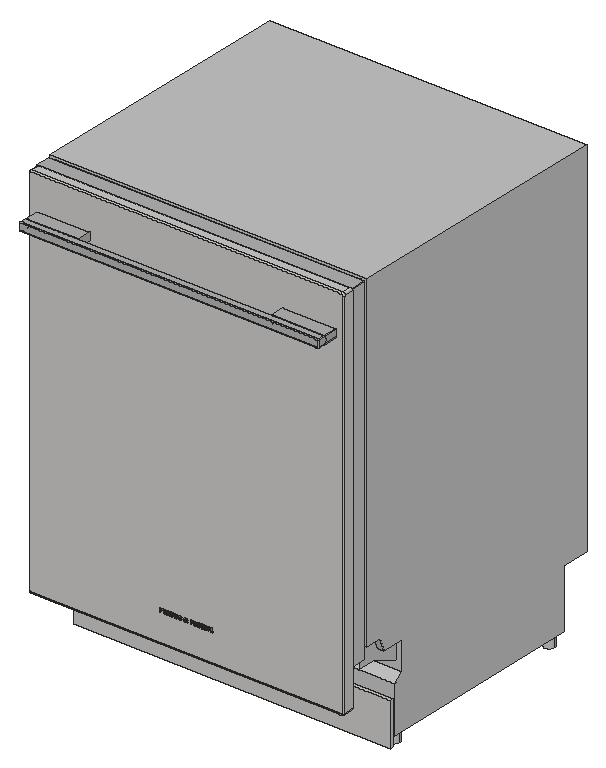
Revit family "FP_Revit_18_DW60UD6X_Dishwasher_90000925A", category Specialty Equipment, Revit 2018
Family settings
  Round Connector Dimension = Use Diameter
  Part Type = Normal
  OmniClass Number = 23.40.40.14.31
  OmniClass Title = Cleaning and Disposal Equipment
  Work Plane-Based = No
  Always vertical = Yes
  Cut with Voids When Loaded = Yes
  Shared = No
  Room Calculation Point = No
Parameters
  Visibility - Clearance Required = yes
  URL = "www.fisherpaykel.com"
  Product - Width = 598 mm  # constant formula
  Product - Height (820mm - 880mm) [instance] = 820 mm
  Product - Depth = 611 mm  # constant formula
  Model = "DW60UD6X"
  Material - Trim = Fisher & Paykel - Aluminium
  Material - Door Structure = Fisher & Paykel - Grey
  Material - Door Front = Fisher & Paykel - Stainless Steel
  Material - Body = Fisher & Paykel - Grey
  Manufacturer = "Fisher & Paykel Appliances"
  Description = "60cm Dishwasher"
  Connector Description - Water = "3/4“ BSP (GB20) to suit Flat Washer"
  Connector Description - Sanitary = "Drain Hose, No Fitting Required"
  Connector Description - Electrical = "220-240 V, 50 Hz, 10 A"
  Cavity - Width = 600 mm  # constant formula
  Cavity - Depth = 574 mm  # constant formula
Reference planes
  plane 1 "Datum": y = 0
  plane 2: z = 0
  plane 3 "Center (Left/Right)": x = 0
  plane 4: z = 0
  plane 5 "Product LHS": x = -299
  plane 6 "Product RHS": x = 299
  plane 7 "Product - Depth": y = 570
  plane 8 "Cavity LHS": x = -300
  plane 9 "Cavity RHS": x = 300
  plane 10 "Cavity - Depth": y = 574
  plane 11 "Product - Height": z = 820
  plane 12 "Chassis Datum": y = 51
  plane 13 "Cavity - Height": z = 822
  plane 14 "Door - Bottom": z = 102.962
Forms (mm)
  Extrusion 1, solid, material "Fisher & Paykel - Grey" <- "Material - Body"
    sketch origin (0, 0, 0) x (0, 1, 0) y (0, 0, 1)
      loop
        line (51, 820) -> (51, 198.6) -> (81.7, 198.6) -> (90.799, 173.6) -> (134.7, 173.6) -> (134.7, 120.204) -> (116.734, 107.624) -> (116.734, 18.7) -> (516.67, 18.7) -> (516.67, 130.624) -> (570, 130.624) -> (570, 820) -> (51, 820)
    from -299 to 299
  Extrusion 2, solid, material "Fisher & Paykel - Grey" <- "Material - Body"
    sketch origin (0, 0, 0) x (1, 0, 0) y (0, 1, 0)
      loop
        circle (-285.4, 498.97) r 10.3
      loop
        circle (-285.4, 133.3) r 10.3
      loop
        circle (285.4, 498.97) r 10.3
      loop
        circle (285.4, 133.3) r 10.3
    from 0 to 18.7
  Extrusion 3, solid, material "Fisher & Paykel - Clearance Required", visible <- "Visibility - Clearance Required", detail levels coarse
    sketch origin (0, 0, 0) x (1, 0, 0) y (0, 1, 0)
      loop
        line (300, 574) -> (-300, 574) -> (-300, 0) -> (300, 0) -> (300, 574)
    from 0 to 822
  Extrusion 4, solid, material "Fisher & Paykel - Grey" <- "Material - Door Structure"
    sketch origin (0, 0, 0) x (1, 0, 0) y (0, 1, 0)
      loop
        line (-297.414, 47.207) -> (-297.414, 19.457) -> (297.5, 19.457) -> (297.5, 47.207) -> (287.406, 47.207) -> (287.406, 51) -> (-287.406, 51) -> (-287.406, 47.207) -> (-297.414, 47.207)
    from 177.3 to 816.6
  Extrusion 5, solid, material "Fisher & Paykel - Grey" <- "Material - Body", detail levels fine
    sketch origin (0, 0, 0) x (0, 1, 0) y (0, 0, 1)
      loop
        line (85.105, 156.8) -> (134.7, 135.748) -> (134.7, 173.6) -> (90.799, 173.6) -> (81.7, 198.6) -> (51, 198.6) -> (51, 156.8) -> (85.105, 156.8)
    from 286 to 287
  Extrusion 6, solid, material "Fisher & Paykel - Grey" <- "Material - Body", detail levels fine
    sketch origin (0, 0, 0) x (0, 1, 0) y (0, 0, -1)
      loop
        line (85.105, -156.8) -> (51, -156.8) -> (51, -198.6) -> (81.7, -198.6) -> (90.799, -173.6) -> (134.7, -173.6) -> (134.7, -135.748) -> (85.105, -156.8)
    from 286 to 287
  Extrusion 7, solid, material "Fisher & Paykel - Stainless Steel" <- "Material - Door Front", detail levels medium+fine
    sketch origin (0, 0, 0) x (0, 1, 0) y (0, 0, 1)
      loop
        line (107.602, 82.75) -> (107.602, 1.95) -> (114.002, 1.95) -> (114.002, 82.75) -> (107.602, 82.75)
    from -299 to 299
  Extrusion 8, solid, material "Fisher & Paykel - Grey" <- "Material - Body", detail levels fine
    sketch origin (0, 0, 0) x (1, 0, 0) y (0, 0, 1)
      loop
        circle (250.5, 79.95) r 4.458
      loop
        circle (-230.1, 84.15) r 9.5
      loop
        circle (-100.1, 84.15) r 9.5
    from -531.002 to -516.67
  Extrusion 9, solid, material "Fisher & Paykel - Clearance Required", visible <- "Visibility - Clearance Required", detail levels coarse
    sketch origin (0, 0, 0) x (0, 1, 0) y (0, 0, 1)
      loop
        line (-590.965, 102.962) -> (0, 102.962) -> (0, 819.826)
        arc (0, 819.826) -> (-447.043, 586.337) -> (-590.965, 102.962) r 647.498
    from -300 to 300
  Extrusion 10, solid, material "Fisher & Paykel - Stainless Steel" <- "Material - Door Front"
    sketch origin (0, 0, 0) x (1, 0, 0) y (0, 0, 1)
      loop
        arc (-293.414, 817.7) -> (-296.242, 816.528) -> (-297.414, 813.7) r 4
        line (-297.414, 813.7) -> (-297.414, 106.962)
        arc (-297.414, 106.962) -> (-296.242, 104.133) -> (-293.414, 102.962) r 4
        line (-293.414, 102.962) -> (293.5, 102.962)
        arc (293.5, 102.962) -> (296.328, 104.133) -> (297.5, 106.962) r 4
        line (297.5, 106.962) -> (297.5, 813.7)
        arc (297.5, 813.7) -> (296.328, 816.528) -> (293.5, 817.7) r 4
        line (293.5, 817.7) -> (-293.414, 817.7)
    from -19.457 to 0
  Extrusion 11, solid, material "Fisher & Paykel - Aluminium" <- "Material - Trim", detail levels fine
    sketch origin (0, 0, 0) x (1, 0, 0) y (0, 1, 0)
      loop
        line (-297.5, 47.207) -> (-297.5, 19.457) -> (297.5, 19.457) -> (297.5, 47.207) -> (-297.5, 47.207)
    from 816.6 to 817.7
  Sweep 12, void
    path in 3D
      loop
        arc (297.5, 0, 813.7) -> (296.328, 0, 816.528) -> (293.5, 0, 817.7) r 4
        line (293.5, 0, 817.7) -> (-293.414, 0, 817.7)
        arc (-293.414, 0, 817.7) -> (-296.242, 0, 816.528) -> (-297.414, 0, 813.7) r 4
        line (-297.414, 0, 813.7) -> (-297.414, 0, 106.962)
        arc (-297.414, 0, 106.962) -> (-296.242, 0, 104.133) -> (-293.414, 0, 102.962) r 4
        line (-293.414, 0, 102.962) -> (293.5, 0, 102.962)
        arc (293.5, 0, 102.962) -> (296.328, 0, 104.133) -> (297.5, 0, 106.962) r 4
        line (297.5, 0, 106.962) -> (297.5, 0, 813.7)
    profile origin (297.5, 0, 460.331) x (0, -1, 0) y (1, 0, 0)
      loop
        line (0, 0) -> (-2, 0)
        arc (-2, 0) -> (-0.586, -0.586) -> (0, -2) r 2
        line (0, -2) -> (0, 0)
  Extrusion 13, void
    sketch origin (0, 0, 0) x (1, 0, 0) y (0, 1, 0)
      loop
        line (300, 574) -> (-300, 574) -> (-300, 0) -> (300, 0) -> (300, 574)
    from 0 to 822
Cuts and joins
  Sweep 12 cuts Extrusion 9
  Sweep 12 cuts Extrusion 10
Lines and regions (mm)
  sketch lines
    curve 1: line (297.5, 0, 106.962) -> (297.5, 0, 813.7)
    curve 2: arc (293.5, 0, 817.7) -> (296.328, 0, 816.528) -> (297.5, 0, 813.7) r 4
    curve 3: line (293.5, 0, 817.7) -> (-293.414, 0, 817.7)
    curve 4: arc (-297.414, 0, 813.7) -> (-296.242, 0, 816.528) -> (-293.414, 0, 817.7) r 4
    curve 5: line (-297.414, 0, 813.7) -> (-297.414, 0, 106.962)
    curve 6: arc (-293.414, 0, 102.962) -> (-296.242, 0, 104.133) -> (-297.414, 0, 106.962) r 4
    curve 7: line (-293.414, 0, 102.962) -> (293.5, 0, 102.962)
    curve 8: arc (297.5, 0, 106.962) -> (296.328, 0, 104.133) -> (293.5, 0, 102.962) r 4
Text (mm)
  text "Due to ongoing product development, product details are subject to change without notice. \nPlease always refer to www.fisherpaykel.com for the most current product information. \n© Fisher & Paykel 2020" at (41.04, -690.05, 0), in view "Ref. Level (Plan)"
Dimensions and locks
  equal spacing: plane 5 "Product LHS", plane 3 "Center (Left/Right)", plane 6 "Product RHS"
  "Product - Width": plane 5 "Product LHS" to plane 6 "Product RHS"
  equal spacing: plane 8 "Cavity LHS", plane 3 "Center (Left/Right)", plane 9 "Cavity RHS"
  "Cavity - Width": plane 8 "Cavity LHS" to plane 9 "Cavity RHS"
  Extrusion 1 sketch curve to Extrusion 1 sketch curve = 801.3 mm
  plane 1 "Datum" to plane 12 "Chassis Datum" = 51 mm
  Extrusion 1 to plane 12 "Chassis Datum" = 519 mm
  plane 13 "Cavity - Height" to plane 11 "Product - Height" = 2 mm
  "Product - Height (820mm - 880mm)": plane 11 "Product - Height" to level
  locked: plane 11 "Product - Height" to Extrusion 1 at 801.3
  locked: Extrusion 1 to plane 11 "Product - Height" at 689.376
  locked: Extrusion 1 to plane 11 "Product - Height" at 646.4
  locked: level to Extrusion 7 at 1.95
  locked: plane 11 "Product - Height" to Extrusion 1 at 621.4
  locked: Extrusion 8 sketch curve to plane 11 "Product - Height" at 740.05
  locked: Extrusion 8 sketch curve to plane 11 "Product - Height" at 735.85  (x2)
  plane 7 "Product - Depth" to plane 1 "Datum" = 570 mm
  locked: plane 11 "Product - Height" to Extrusion 4 at 642.7
  locked: plane 11 "Product - Height" to Extrusion 11 at 2.3
  locked: plane 11 "Product - Height" to Extrusion 4 at 3.4
  locked: plane 11 "Product - Height" to nested 1 at 66.823
  locked: Extrusion 4 to Extrusion 7 at 94.55
  locked: Extrusion 11 to plane 11 "Product - Height" at 3.4
  locked: plane 11 "Product - Height" to cut or joined group of Extrusion 10, Sweep 12 at 2.3
  locked: plane 11 "Product - Height" to plane 14 "Door - Bottom" at 717.038
  "Cavity - Depth": plane 10 "Cavity - Depth" to plane 1 "Datum"
  equal spacing: Extrusion 11, plane 3 "Center (Left/Right)", Extrusion 11
  Extrusion 11 to Extrusion 11 = 595 mm
  locked: nested 2 to plane 14 "Door - Bottom" at 55
  "Product - Depth": plane 7 "Product - Depth" to nested 1
  aligned and locked: level to plane 2
  aligned and locked: plane 8 "Cavity LHS" to Extrusion 3 sketch curve
  aligned and locked: Extrusion 3 sketch curve to plane 9 "Cavity RHS"
  aligned and locked: plane 10 "Cavity - Depth" to Extrusion 3 sketch curve
  aligned and locked: Extrusion 1 sketch curve to plane 11 "Product - Height"
  aligned and locked: Extrusion 1 sketch curve to plane 7 "Product - Depth"
  aligned and locked: plane 11 "Product - Height" to Extrusion 1
  aligned and locked: Extrusion 3 to plane 13 "Cavity - Height"
  aligned and locked: Extrusion 2 to Extrusion 1
  aligned and locked: Extrusion 1 to plane 5 "Product LHS"
  aligned and locked: Extrusion 1 to plane 6 "Product RHS"
  aligned and locked: Extrusion 7 to plane 6 "Product RHS"
  aligned and locked: plane 5 "Product LHS" to Extrusion 7
  aligned and locked: Extrusion 5 sketch curve to Extrusion 1  (x2)
  aligned and locked: Extrusion 1 to Extrusion 6 sketch curve
  aligned and locked: Extrusion 6 sketch curve to Extrusion 1
  aligned and locked: Extrusion 9 to plane 9 "Cavity RHS"
  aligned and locked: plane 8 "Cavity LHS" to Extrusion 9
  aligned and locked: plane 14 "Door - Bottom" to Extrusion 10 sketch curve
  aligned and locked: Extrusion 13 to Extrusion 3
Automatic sketch dimensions
  Extrusion 1 sketch curve to plane 12 "Chassis Datum" = 0 mm
  Extrusion 1 sketch curve to Extrusion 1 sketch curve = 30.7 mm
  Extrusion 1 sketch curve to Extrusion 1 sketch curve = 9.099 mm
  plane 12 "Chassis Datum" to Extrusion 1 sketch curve = 65.734 mm
  plane 14 "Door - Bottom" to Extrusion 1 sketch curve = 17.242 mm
  Extrusion 1 sketch curve to Extrusion 1 sketch curve = 17.965 mm
  Extrusion 1 sketch curve to plane 7 "Product - Depth" = 53.33 mm
  plane 14 "Door - Bottom" to Extrusion 1 sketch curve = 4.662 mm
  plane 14 "Door - Bottom" to Extrusion 1 sketch curve = 27.662 mm
  Extrusion 1 sketch curve to Extrusion 1 sketch curve = 53.396 mm
  Extrusion 1 sketch curve to Extrusion 1 sketch curve = 25 mm
  Extrusion 2 sketch curve to plane 5 "Product LHS" = 13.6 mm  (x2)
  plane 6 "Product RHS" to Extrusion 2 sketch curve = 13.6 mm  (x2)
  plane 12 "Chassis Datum" to Extrusion 2 sketch curve = 82.3 mm  (x2)
  Extrusion 2 sketch curve to plane 7 "Product - Depth" = 71.03 mm  (x2)
  plane 1 "Datum" to Extrusion 3 sketch curve = 0 mm
  Extrusion 4 sketch curve to plane 12 "Chassis Datum" = 0 mm
  Extrusion 4 sketch curve to plane 5 "Product LHS" = 1.586 mm
  Extrusion 4 sketch curve to Extrusion 4 sketch curve = 10.008 mm
  plane 6 "Product RHS" to Extrusion 4 sketch curve = 11.594 mm
  plane 6 "Product RHS" to Extrusion 4 sketch curve = 1.5 mm
  Extrusion 4 sketch curve to plane 12 "Chassis Datum" = 3.793 mm  (x2)
  Extrusion 4 sketch curve to plane 1 "Datum" = 19.457 mm
  Extrusion 5 sketch curve to plane 12 "Chassis Datum" = 0 mm
  Extrusion 5 sketch curve to Extrusion 5 sketch curve = 30.7 mm
  Extrusion 5 sketch curve to Extrusion 5 sketch curve = 34.105 mm
  Extrusion 5 sketch curve to Extrusion 5 sketch curve = 5.695 mm
  plane 14 "Door - Bottom" to Extrusion 5 sketch curve = 32.786 mm
  Extrusion 5 sketch curve to Extrusion 5 sketch curve = 49.595 mm
  Extrusion 5 sketch curve to Extrusion 5 sketch curve = 16.8 mm
  Extrusion 6 sketch curve to plane 12 "Chassis Datum" = 0 mm
  Extrusion 6 sketch curve to Extrusion 6 sketch curve = 30.7 mm
  Extrusion 6 sketch curve to Extrusion 6 sketch curve = 34.105 mm
  Extrusion 6 sketch curve to Extrusion 6 sketch curve = 5.695 mm
  plane 14 "Door - Bottom" to Extrusion 6 sketch curve = 32.786 mm
  Extrusion 6 sketch curve to Extrusion 6 sketch curve = 49.595 mm
  Extrusion 6 sketch curve to Extrusion 6 sketch curve = 16.8 mm
  level to Extrusion 7 sketch curve = 1.95 mm
  plane 12 "Chassis Datum" to Extrusion 7 sketch curve = 56.602 mm
  Extrusion 7 sketch curve to Extrusion 7 sketch curve = 6.4 mm
  Extrusion 7 sketch curve to plane 14 "Door - Bottom" = 20.212 mm
  Extrusion 8 sketch curve to plane 5 "Product LHS" = 68.9 mm
  Extrusion 8 sketch curve to plane 3 "Center (Left/Right)" = 100.1 mm
  plane 6 "Product RHS" to Extrusion 8 sketch curve = 48.5 mm
  Extrusion 9 sketch curve to plane 14 "Door - Bottom" = 0 mm
  Extrusion 9 sketch curve to plane 1 "Datum" = 0 mm
  plane 1 "Datum" to Extrusion 9 sketch curve = 590.965 mm
  plane 12 "Chassis Datum" to Extrusion 9 sketch curve = 1.573 mm
  plane 14 "Door - Bottom" to Extrusion 9 sketch curve = 71.504 mm
  Extrusion 10 sketch curve to plane 5 "Product LHS" = 1.586 mm
  Extrusion 10 sketch curve to plane 5 "Product LHS" = 5.586 mm
  Extrusion 10 sketch curve to Extrusion 10 sketch curve = 4 mm
  Extrusion 10 sketch curve to plane 11 "Product - Height" = 2.3 mm
  plane 6 "Product RHS" to Extrusion 10 sketch curve = 5.5 mm  (x2)
  plane 6 "Product RHS" to Extrusion 10 sketch curve = 1.5 mm
  Extrusion 11 sketch curve to plane 5 "Product LHS" = 1.5 mm
  plane 6 "Product RHS" to Extrusion 11 sketch curve = 1.5 mm
  Extrusion 11 sketch curve to plane 1 "Datum" = 19.457 mm
  Extrusion 11 sketch curve to plane 12 "Chassis Datum" = 3.793 mm
  Sweep 12 sketch curve to profile plane = 0 mm  (x2)
  profile plane to Sweep 12 sketch curve = 2 mm
  Extrusion 13 sketch curve to plane 8 "Cavity LHS" = 0 mm
  plane 1 "Datum" to Extrusion 13 sketch curve = 0 mm
  Extrusion 13 sketch curve to plane 9 "Cavity RHS" = 0 mm
  Extrusion 13 sketch curve to plane 10 "Cavity - Depth" = 0 mm
  radius of Extrusion 2 sketch curve = 10.3 mm  (x4)
  radius of Extrusion 8 sketch curve = 4.458 mm
  radius of Extrusion 8 sketch curve = 9.5 mm  (x2)
Nested families
  nested 1: "F&P Handle Contemporary Square - Horizontal" at (0, 0, 745.199), type "565mm"
  nested 2: "F&P Logo 100mm" at (0, 0, 157.962), type "F&P Logo 100mm"
Connectors
  electrical at (250.5, 531.002, 79.95), driven by "Connector Description - Electrical"
    settings: on Extrusion 8, index 1, voltage 230 V, apparent load 0 VA, apparent load phase1 0 VA, apparent load phase2 0 VA, apparent load phase3 0 VA, power factor 1, load classification "Other", number of poles 1, system type 30, power factor state 1, is connector primary yes, connector utility no, sub classification motor no, connector description "220-240 V, 50 Hz, 10 A"
  piping at (-230.1, 531.002, 84.15), diameter 19, driven by "Connector Description - Sanitary"
    settings: on Extrusion 8, index 2, connector inside diameter 609.6 mm, connector length 0 mm, flow factor 0, pipe flow 0.0 L/s, pressure drop 0.0 Pa, fitting loss kfactor 0, connector angle 0.00°, fixture units 0, engagement length 0 mm, angle of deflection 0.00°, flow configuration 0, flow direction 2, fitting loss method 0, system type 16, joint type 0, gender type 0, connector reference index -1, connector utility 0, adjustable connector no, is connector primary yes, connector description "Drain Hose, No Fitting Required"
  piping at (-100.1, 531.002, 84.15), diameter 19, driven by "Connector Description - Water"
    settings: on Extrusion 8, index 3, connector inside diameter 609.6 mm, connector length 0 mm, flow factor 0, pipe flow 0.0 L/s, pressure drop 0.0 Pa, fitting loss kfactor 0, connector angle 0.00°, fixture units 0, engagement length 0 mm, angle of deflection 0.00°, flow configuration 0, flow direction 1, fitting loss method 0, system type 20, joint type 0, gender type 0, connector reference index -1, connector utility 0, adjustable connector no, is connector primary no, connector description "3/4“ BSP (GB20) to suit Flat Washer"
Definition of nested family "F&P Handle Contemporary Square - Horizontal"
  Parameters (values of type "565mm (Dark)")
    URL = "www.fisherpaykel.com"
    Material - Handle = none
    Manufacturer = "Fisher & Paykel Appliances"
    Handle - Standoff = 100 mm
    Handle - Length = 565 mm
  Types (2): name
    565mm
    565mm (Dark)
  Reference planes
    plane 1 "Center (Front/Back)": y = 0
    plane 2: z = 0
    plane 3 "Center (Left/Right)": x = 0
    plane 4 "Product LHS": x = -282.5
    plane 5 "Product RHS": x = 282.5
    plane 6 "LHS Standoff": x = -182.5
    plane 7 "RHS Standoff": x = 182.5
  Forms (mm)
    Extrusion 1, solid, material <- "Material - Handle", detail levels fine
      sketch origin (0, 0, 0) x (0, 1, 0) y (0, 0, 1)
        loop
          arc (-27.701, 7.561) -> (-28.057, 7.868) -> (-28.514, 7.978) r 1
          line (-28.514, 7.978) -> (-39.5, 7.978)
          arc (-39.5, 7.978) -> (-40.561, 7.539) -> (-41, 6.478) r 1.5
          line (-41, 6.478) -> (-41, -6.522)
          arc (-41, -6.522) -> (-40.561, -7.583) -> (-39.5, -8.022) r 1.5
          line (-39.5, -8.022) -> (-28.487, -8.022)
          arc (-28.487, -8.022) -> (-28.029, -7.911) -> (-27.673, -7.602) r 1
          arc (-27.673, -7.602) -> (-25.256, -0.016) -> (-27.701, 7.561) r 13.038
      from -282.5 to 282.5
    Extrusion 2, solid, material <- "Material - Handle", detail levels fine
      sketch origin (0, 0, 0) x (0, 1, 0) y (0, 0, 1)
        loop
          arc (-27.23, 7.062) -> (-25.156, 0.008) -> (-27.198, -7.056) r 13.136
          arc (-27.198, -7.056) -> (-27.21, -7.463) -> (-26.86, -7.67) r 0.4
          line (-26.86, -7.67) -> (0, -7.67) -> (0, 7.678) -> (-26.893, 7.678)
          arc (-26.893, 7.678) -> (-27.244, 7.47) -> (-27.23, 7.062) r 0.4
      from 182.5 to 282.5
    Extrusion 3, solid, material <- "Material - Handle", detail levels fine
      sketch origin (0, 0, 0) x (0, 1, 0) y (0, 0, -1)
        loop
          arc (-27.23, -7.062) -> (-27.244, -7.47) -> (-26.893, -7.678) r 0.4
          line (-26.893, -7.678) -> (0, -7.678) -> (0, 7.67) -> (-26.86, 7.67)
          arc (-26.86, 7.67) -> (-27.21, 7.463) -> (-27.198, 7.056) r 0.4
          arc (-27.198, 7.056) -> (-25.156, -0.008) -> (-27.23, -7.062) r 13.136
      from 182.5 to 282.5
    Sweep 4, void
      path in 3D
        loop
          line (282.5, -28.514, 7.978) -> (282.5, -39.5, 7.978)
          arc (282.5, -39.5, 7.978) -> (282.5, -40.561, 7.539) -> (282.5, -41, 6.478) r 1.5
          line (282.5, -41, 6.478) -> (282.5, -41, -6.522)
          arc (282.5, -41, -6.522) -> (282.5, -40.561, -7.583) -> (282.5, -39.5, -8.022) r 1.5
          line (282.5, -39.5, -8.022) -> (282.5, -28.487, -8.022)
      profile origin (282.5, -34.007, 7.978) x (1, 0, 0) y (0, 0, 1)
        loop
          line (0, 0) -> (-1.3, 0) -> (0, -1.3) -> (0, 0)
    Sweep 5, void
      path in 3D
        loop
          line (-282.5, -28.487, -8.022) -> (-282.5, -39.5, -8.022)
          arc (-282.5, -39.5, -8.022) -> (-282.5, -40.561, -7.583) -> (-282.5, -41, -6.522) r 1.5
          line (-282.5, -41, -6.522) -> (-282.5, -41, 6.478)
          arc (-282.5, -41, 6.478) -> (-282.5, -40.561, 7.539) -> (-282.5, -39.5, 7.978) r 1.5
          line (-282.5, -39.5, 7.978) -> (-282.5, -28.514, 7.978)
      profile origin (-282.5, -34.007, 7.978) x (-1, 0, 0) y (0, 0, 1)
        loop
          line (0, 0) -> (-1.3, 0) -> (0, -1.3) -> (0, 0)
    Extrusion 6, void
      sketch origin (0, 0, 0) x (1, 0, 0) y (0, 0, 1)
        loop
          line (282.5, 7.978) -> (281.2, 7.978) -> (282.5, 6.678) -> (282.5, 7.978)
        loop
          line (282.5, -8.022) -> (282.5, -6.722) -> (281.2, -8.022) -> (282.5, -8.022)
      from 0 to 28.514
    Extrusion 7, void
      sketch origin (0, 0, 0) x (1, 0, 0) y (0, 0, 1)
        loop
          line (-282.5, 7.978) -> (-282.5, 6.678) -> (-281.2, 7.978) -> (-282.5, 7.978)
        loop
          line (-282.5, -8.022) -> (-281.2, -8.022) -> (-282.5, -6.722) -> (-282.5, -8.022)
      from 0 to 28.487
    Extrusion 8, solid, material <- "Material - Handle", detail levels coarse+medium
      sketch origin (0, 0, 0) x (1, 0, 0) y (0, 1, 0)
        loop
          line (-282.5, -41) -> (282.5, -41) -> (282.5, 0) -> (182.5, 0) -> (182.5, -26.156) -> (-182.5, -26.156) -> (-182.5, 0) -> (-282.5, 0) -> (-282.5, -41)
      from -8.022 to 7.978
  Cuts and joins
    Sweep 4, Sweep 5, Extrusion 6, Extrusion 7 cuts Extrusion 1
    Extrusion 6 cuts Extrusion 2
    Extrusion 7 cuts Extrusion 3
  Lines and regions (mm)
    sketch lines
      curve 1: line (282.5, -28.514, 7.978) -> (282.5, -39.5, 7.978)
      curve 2: arc (282.5, -41, 6.478) -> (282.5, -40.561, 7.539) -> (282.5, -39.5, 7.978) r 1.5
      curve 3: line (282.5, -41, 6.478) -> (282.5, -41, -6.522)
      curve 4: arc (282.5, -39.5, -8.022) -> (282.5, -40.561, -7.583) -> (282.5, -41, -6.522) r 1.5
      curve 5: line (282.5, -39.5, -8.022) -> (282.5, -28.487, -8.022)
      curve 6: line (-282.5, -39.5, 7.978) -> (-282.5, -28.514, 7.978)
      curve 7: arc (-282.5, -39.5, 7.978) -> (-282.5, -40.561, 7.539) -> (-282.5, -41, 6.478) r 1.5
      curve 8: line (-282.5, -41, -6.522) -> (-282.5, -41, 6.478)
      curve 9: arc (-282.5, -41, -6.522) -> (-282.5, -40.561, -7.583) -> (-282.5, -39.5, -8.022) r 1.5
      curve 10: line (-282.5, -28.487, -8.022) -> (-282.5, -39.5, -8.022)
  Dimensions and locks
    equal spacing: plane 4 "Product LHS", plane 3 "Center (Left/Right)", plane 5 "Product RHS"
    "Handle - Length": plane 4 "Product LHS" to plane 5 "Product RHS"
    "Handle - Standoff": plane 4 "Product LHS" to plane 6 "LHS Standoff"
    "Handle - Standoff": plane 7 "RHS Standoff" to plane 5 "Product RHS"
    Extrusion 8 to plane 1 "Center (Front/Back)" = 41 mm
    aligned and locked: level to plane 2
    aligned and locked: Extrusion 1 to plane 5 "Product RHS"
    aligned and locked: plane 4 "Product LHS" to Extrusion 1
    aligned and locked: Extrusion 2 to plane 5 "Product RHS"
    aligned and locked: plane 4 "Product LHS" to Extrusion 3
    aligned and locked: plane 4 "Product LHS" to Extrusion 8 sketch curve
    aligned and locked: Extrusion 8 sketch curve to plane 5 "Product RHS"
    aligned and locked: Extrusion 8 sketch curve to plane 7 "RHS Standoff"
    aligned and locked: plane 6 "LHS Standoff" to Extrusion 8 sketch curve
    aligned and locked: Extrusion 2 to plane 7 "RHS Standoff"
    aligned and locked: plane 6 "LHS Standoff" to Extrusion 3
  Automatic sketch dimensions
    Extrusion 1 sketch curve to level = 6.522 mm
    plane 1 "Center (Front/Back)" to Extrusion 1 sketch curve = 41 mm
    Extrusion 1 sketch curve to Extrusion 1 sketch curve = 1.5 mm  (x2)
    Extrusion 1 sketch curve to level = 0.04 mm
    Extrusion 1 sketch curve to Extrusion 1 sketch curve = 1.206 mm
    level to Extrusion 1 sketch curve = 6.978 mm
    Extrusion 1 sketch curve to Extrusion 1 sketch curve = 10.986 mm
    Extrusion 1 sketch curve to Extrusion 1 sketch curve = 11.013 mm
    Extrusion 1 sketch curve to Extrusion 1 sketch curve = 1 mm
    level to Extrusion 1 sketch curve = 6.478 mm
    Extrusion 1 sketch curve to Extrusion 1 sketch curve = 0 mm
    Extrusion 2 sketch curve to plane 1 "Center (Front/Back)" = 0 mm
    Extrusion 2 sketch curve to level = 7.67 mm
    Extrusion 2 sketch curve to Extrusion 2 sketch curve = 26.86 mm
    level to Extrusion 2 sketch curve = 7.678 mm
    Extrusion 2 sketch curve to Extrusion 2 sketch curve = 0.033 mm
    Extrusion 2 sketch curve to level = 0.022 mm
    Extrusion 2 sketch curve to Extrusion 2 sketch curve = 11.398 mm
    Extrusion 2 sketch curve to Extrusion 2 sketch curve = 0.4 mm  (x2)
    Extrusion 2 sketch curve to Extrusion 2 sketch curve = 0 mm
    Extrusion 3 sketch curve to plane 1 "Center (Front/Back)" = 0 mm
    Extrusion 3 sketch curve to level = 7.67 mm
    Extrusion 3 sketch curve to Extrusion 3 sketch curve = 26.86 mm
    level to Extrusion 3 sketch curve = 7.678 mm
    Extrusion 3 sketch curve to Extrusion 3 sketch curve = 0.033 mm
    Extrusion 3 sketch curve to level = 0.022 mm
    Extrusion 3 sketch curve to Extrusion 3 sketch curve = 11.398 mm
    Extrusion 3 sketch curve to Extrusion 3 sketch curve = 0.4 mm  (x2)
    Extrusion 3 sketch curve to Extrusion 3 sketch curve = 0 mm
    profile plane to Sweep 4 sketch curve = 0 mm
    Sweep 4 sketch curve to profile plane = 0 mm
    Sweep 4 sketch curve to profile plane = 1.3 mm
    profile plane to Sweep 4 sketch curve = 1.3 mm
    Sweep 5 sketch curve to profile plane = 0 mm  (x2)
    profile plane to Sweep 5 sketch curve = 1.3 mm
    Sweep 5 sketch curve to profile plane = 1.3 mm
    plane 5 "Product RHS" to Extrusion 6 sketch curve = 0 mm  (x2)
    Extrusion 6 sketch curve to Extrusion 6 sketch curve = 1.3 mm  (x4)
    Extrusion 6 sketch curve to level = 6.722 mm
    level to Extrusion 6 sketch curve = 6.678 mm
    plane 4 "Product LHS" to Extrusion 7 sketch curve = 0 mm  (x2)
    Extrusion 7 sketch curve to plane 4 "Product LHS" = 1.3 mm  (x2)
    Extrusion 7 sketch curve to level = 8.022 mm
    level to Extrusion 7 sketch curve = 6.678 mm
    Extrusion 7 sketch curve to Extrusion 7 sketch curve = 1.3 mm  (x2)
    plane 1 "Center (Front/Back)" to Extrusion 8 sketch curve = 0 mm  (x2)
    Extrusion 8 sketch curve to Extrusion 8 sketch curve = 26.156 mm
    Extrusion 8 sketch curve to Extrusion 8 sketch curve = 41 mm
Definition of nested family "F&P Logo 100mm"
  Parameters (values of type "F&P Logo 100mm")
    URL = "www.fisherpaykel.com"
    Material - Logo = none
    Manufacturer = "Fisher & Paykel Appliances"
  Reference planes
    plane 1 "Center (Front/Back)": y = 0
    plane 2: z = 0
    plane 3 "Center (Left/Right)": x = 0
  Forms (mm)
    Extrusion 1, solid, material <- "Material - Logo", detail levels fine
      sketch origin (0, 0, 0) x (1, 0, 0) y (0, 0, 1)
        loop
          line (-50.044, 0) -> (-48.47, 0) -> (-48.47, 2.138) -> (-46.011, 2.138) -> (-46.011, 3.472) -> (-48.47, 3.472) -> (-48.47, 4.712) -> (-45.795, 4.712) -> (-45.795, 6.04) -> (-50.044, 6.04) -> (-50.044, 0)
        loop
          line (-42.804, 6.04) -> (-42.804, 0) -> (-41.23, 0) -> (-41.23, 6.04) -> (-42.804, 6.04)
        loop
          line (-30.724, 6.04) -> (-30.724, 0) -> (-29.151, 0) -> (-29.151, 2.42) -> (-26.839, 2.42) -> (-26.839, 0) -> (-25.265, 0) -> (-25.265, 6.04) -> (-26.839, 6.04) -> (-26.839, 3.748) -> (-29.151, 3.748) -> (-29.151, 6.04) -> (-30.724, 6.04)
        loop
          line (-21.906, 6.04) -> (-21.906, 0) -> (-17.602, 0) -> (-17.602, 1.328) -> (-20.347, 1.328) -> (-20.347, 2.42) -> (-17.838, 2.42) -> (-17.838, 3.748) -> (-20.347, 3.748) -> (-20.347, 4.712) -> (-17.602, 4.712) -> (-17.602, 6.04) -> (-21.906, 6.04)
        loop
          line (45.667, 6.04) -> (45.667, 0) -> (49.956, 0) -> (49.956, 1.328) -> (47.241, 1.328) -> (47.241, 6.04) -> (45.667, 6.04)
        loop
          line (42.431, 6.04) -> (38.112, 6.04) -> (38.112, 0) -> (42.431, 0) -> (42.431, 1.328) -> (39.687, 1.328) -> (39.687, 2.42) -> (42.195, 2.42) -> (42.195, 3.748) -> (39.687, 3.748) -> (39.687, 4.712) -> (42.431, 4.712) -> (42.431, 6.04)
        loop
          line (33.451, 3.148) -> (35.683, 6.04) -> (33.844, 6.04) -> (31.915, 3.542) -> (31.915, 6.04) -> (30.342, 6.04) -> (30.342, 0) -> (31.915, 0) -> (31.915, 2.705) -> (33.903, 0) -> (35.763, 0) -> (33.451, 3.148)
        loop
          line (21.98, 6.04) -> (24.262, 2.42) -> (24.262, 0) -> (25.837, 0) -> (25.837, 2.341) -> (28.119, 6.04) -> (26.446, 6.04) -> (25.099, 3.707) -> (23.753, 6.04) -> (21.98, 6.04)
        loop
          line (18.479, 6.04) -> (16.983, 6.04) -> (14.524, 0) -> (16.069, 0) -> (16.501, 1.112) -> (18.921, 1.112) -> (19.354, 0) -> (20.938, 0) -> (18.479, 6.04)
        loop
          line (18.4, 2.439) -> (17.693, 4.174) -> (17.018, 2.439) -> (18.4, 2.439)
        loop
          line (8.031, 6.04) -> (8.031, 0) -> (9.605, 0) -> (9.605, 1.938) -> (10.599, 1.938)
          arc (10.599, 1.938) -> (12.65, 3.989) -> (10.599, 6.04) r 2.051
          line (10.599, 6.04) -> (8.031, 6.04)
        loop
          line (9.605, 4.712) -> (9.605, 3.197) -> (10.501, 3.197)
          arc (10.501, 3.197) -> (11.259, 3.954) -> (10.501, 4.712) r 0.757
          line (10.501, 4.712) -> (9.605, 4.712)
        loop
          line (-11.783, 6.04) -> (-14.366, 6.04) -> (-14.366, 0) -> (-12.792, 0) -> (-12.792, 1.336) -> (-11.992, 1.336) -> (-10.972, 0) -> (-9.153, 0) -> (-10.694, 1.973)
          arc (-10.694, 1.973) -> (-9.678, 4.424) -> (-11.783, 6.04) r 2.179
        loop
          line (-11.897, 4.712) -> (-12.792, 4.712) -> (-12.792, 3.053) -> (-11.897, 3.053)
          arc (-11.897, 3.053) -> (-11.068, 3.882) -> (-11.897, 4.712) r 0.83
        loop
          line (0.477, 4.712) -> (0.477, 6.153) -> (-3.575, 6.153) -> (-3.575, 4.851) -> (-2.974, 4.112)
          arc (-2.974, 4.112) -> (-3.51, 0.684) -> (-0.045, 0.512) r 2.334
          line (-0.045, 0.512) -> (0.46, -0.109) -> (2.246, -0.109) -> (0.86, 1.594) -> (2.061, 3.324) -> (0.443, 3.324) -> (-0.013, 2.667) -> (-1.677, 4.712) -> (0.477, 4.712)
        loop
          arc (-2.125, 3.068) -> (-2.269, 1.668) -> (-0.868, 1.524) r 0.996
          line (-0.868, 1.524) -> (-2.125, 3.068)
        loop
          line (-35.18, 3.634) -> (-36.516, 3.91)
          arc (-36.516, 3.91) -> (-37.049, 4.443) -> (-36.516, 4.976) r 0.533
          arc (-36.516, 4.976) -> (-35.235, 4.79) -> (-34.059, 4.248) r 4.505
          line (-34.059, 4.248) -> (-34.059, 5.743)
          arc (-34.059, 5.743) -> (-35.549, 6.179) -> (-37.1, 6.109) r 4.726
          arc (-37.1, 6.109) -> (-38.536, 4.335) -> (-37.1, 2.561) r 1.814
          line (-37.1, 2.561) -> (-35.754, 2.282)
          arc (-35.754, 2.282) -> (-35.221, 1.749) -> (-35.754, 1.216) r 0.533
          arc (-35.754, 1.216) -> (-37.035, 1.402) -> (-38.211, 1.945) r 4.505
          line (-38.211, 1.945) -> (-38.211, 0.449)
          arc (-38.211, 0.449) -> (-36.72, 0.013) -> (-35.169, 0.083) r 4.726
          arc (-35.169, 0.083) -> (-33.734, 1.863) -> (-35.18, 3.634) r 1.814
      from 0 to 0.8
  Dimensions and locks
    aligned and locked: level to plane 2
